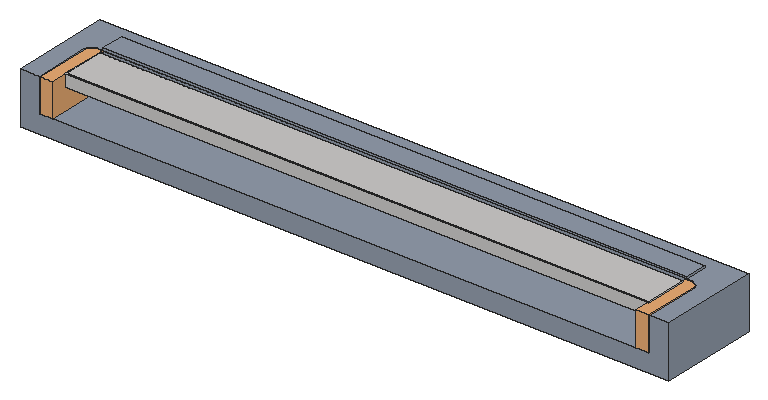
Revit family "NBS_wediSystemsUKLtd_WstsForShwrTrys_FundoDiscreto", category Plumbing Fixtures, host Face, Revit 2018
Family settings
  Host = Face
  Round Connector Dimension = Use Diameter
  Part Type = Normal
  Cut with Voids When Loaded = No
  Shared = No
  Room Calculation Point = No
Parameters (values of type "Fundo Discreto 900mm Channel")
  Width = NominalLength  # 1000 mm
  WediStructuralMaterial = NBS_wedi_PolystyreneExpanded
  WarrantyStartDate [instance] = "1900-12-31T23:59:59"
  WarrantyGuarantorParts = "n/a"
  WarrantyGuarantorLabor = "n/a"
  WarrantyDurationUnit = "year"
  WarrantyDurationParts = "n/a"
  WarrantyDurationLabor = "n/a"
  WarrantyDescription = "available on request"
  Version = "2"  # constant formula
  Uniclass2015Version = "Products v1.14"
  Uniclass2015Title = "Shower tray wastes"
  Uniclass2015Code = "Pr_70_55_96_83"
  TagNumber [instance] = "n/a"
  SustainabilityPerformance = "n/a"
  Standard = "n/a"
  Size = "n/a"
  ShowerType = "n/a"
  ShowerHeadDescription = "n/a"
  Shape = "n/a"
  SerialNumber [instance] = "n/a"
  Revision = "n/a"
  ReplacementCost = "n/a"
  ProductInformation = "https://www.wedi.de/en/products/building-systems/floor-level-showers/fundo-discreto/"
  NominalWidth = 80 mm
  NominalLength = 1000 mm
  NominalHeight = 154 mm
  Name = "WastesForShowerTrays_FundoDiscreto_wediSystemsLtd"
  NBSReference = "45-35-70/337"
  NBSDescription = "Wastes for shower trays"
  NBSCertification = "www.nationalbimlibrary.com/cert/101m2k2q"
  ModelReference = "Fundo Discreto"
  ModelNumber = "073738208"
  Model = ModelReference  # "Fundo Discreto"
  MaterialsBody = "Stainless steel"
  Material = "Stainless steel"
  ManufacturerURL = "https://www.wedi.de/uk/"
  ManufacturerName = "wedi Systems (UK) Ltd"  # constant formula
  Manufacturer = "technical@wedi.co.uk"
  InstallationDepth = "80mm"
  InstallationDate [instance] = "1900-12-31T23:59:59"
  InsetfromFinFace [instance] = 5 mm
  IfcExportType = "SHOWER"  # constant formula
  IfcExportAs = "IfcSanitaryTerminalType"  # constant formula
  HingeWidth = if(ChannelWidth = 1100 mm, 30 mm, if(ChannelWidth = 900 mm, 30 mm, if(ChannelWidth = 300 mm, 120 mm, 77 mm)))  # 30 mm
  Hinge = NBS_wedi_Plastic_Orange
  HasTray = no
  Grade = "n/a"
  Form = "Drainage channel of the fundo riolito, riolito neo, plano linea"
  FinishDepth = 10 mm
  Finish = "V2A stainless steel"
  Features = "Attachment element for wedi Fundo shower elements with linear drainage, Includes a high-quality V2A cover which can be used on both sides, Easy to clean, 100% waterproof complete system"
  ExpectedLife = "30"
  DurationUnit = "year"
  Depth = 80 mm  # constant formula
  ChannelWidth = 900 mm
  DrainSize = 0 mm
  Description = "The fundo discreto allows the drainage channel of the fundo riolito, riolito neo, plano linea shower elements to visually disappear thuscreating an optical illusion of water draining away directly intothe wall"
  Default Elevation = 0 mm  # constant formula
  CoverMaterial = NBS_wedi_StainlessSteel_Brushed
  Constituents = "n/a"
  Color = "Grey"
  CodePerformance = "n/a"
  Category = "Pr_70_55_96_83:Shower tray wastes"
  BarCode [instance] = "n/a"
  BIMObjectName = "NBS_wediSystemsLtd_WastesForShowerTrays_FundoDiscreto_1000x154x80mm"
  Author = "NBS"  # constant formula
  AssetType = "Fixed"
  AssetIdentifier [instance] = "n/a"
  Application = "Domestic residential construction"
  AccessibilityPerformance = "n/a"
Types (5, lengths in mm): name | Width | NominalLength | ModelNumber | HingeWidth | ChannelWidth | BIMObjectName
  (no name) | 1200 | 1200 | "073738209" | 30 | 1100 | "NBS_wediSystemsLtd_WastesForShowerTrays_FundoDiscreto_1200x154x80mm"
  Fundo Discreto 300mm Channel | 900 | 900 | "073738205" | 120 | 300 | "NBS_wediSystemsLtd_WastesForShowerTrays_FundoDiscreto_900x154x80mm"
  Fundo Discreto 800mm Channel | 1000 | 1000 | "073738207" | 77 | 800 | "NBS_wediSystemsLtd_WastesForShowerTrays_FundoDiscreto_1000x154x80mm"
  Fundo Discreto 900mm Channel | 1000 | 1000 | "073738208" | 30 | 900 | "NBS_wediSystemsLtd_WastesForShowerTrays_FundoDiscreto_1000x154x80mm"
  Fundo Discreto 1100mm Channel | 1200 | 1200 | "073738209" | 30 | 1100 | "NBS_wediSystemsLtd_WastesForShowerTrays_FundoDiscreto_1200x154x80mm"
Reference planes
  plane 1 "Center (Front/Back)": y = 0
  plane 2: z = 0
  plane 3 "Center (Left/Right)": x = 0
  plane 4: x = 500
  plane 5: x = -500
  plane 6: x = -450
  plane 7: x = 450
  plane 8: z = -43
  plane 9: y = 154
  plane 10: z = -85
  plane 11: y = 133.5
  plane 12: y = 97.5
  plane 13: y = 24
  plane 14: x = -470
  plane 15: x = 470
  plane 16: x = -410.5
  plane 17: x = 410.5
  plane 18: z = -57
  plane 19: y = 91
  plane 20: z = -5
Forms (mm)
  Extrusion 1, solid, material "NBS_wedi_PolystyreneExpanded" <- "WediStructuralMaterial"
    sketch origin (0, 0, 0) x (1, 0, 0) y (0, 1, 0)
      loop
        line (-500, 154) -> (-500, 0) -> (500, 0) -> (500, 154) -> (-500, 154)
    from -85 to -5
  Extrusion 2, void
    sketch origin (0, 0, 0) x (1, 0, 0) y (0, 1, 0)
      loop
        arc (-458, 97.5) -> (-466.485, 93.985) -> (-470, 85.5) r 12
        line (-470, 85.5) -> (-470, 0) -> (-450, 0) -> (-450, -6) -> (450, -6) -> (450, 0) -> (470, 0) -> (470, 85.5)
        arc (470, 85.5) -> (466.485, 93.985) -> (458, 97.5) r 12
        line (458, 97.5) -> (-458, 97.5)
    from -57 to -5
  Extrusion 3, solid, material "NBS_wedi_PolystyreneExpanded" <- "WediStructuralMaterial"
    sketch origin (0, 0, 0) x (1, 0, 0) y (0, 1, 0)
      loop
        line (450, 97.5) -> (450, 133.5) -> (-450, 133.5) -> (-450, 97.5) -> (450, 97.5)
    from -5 to -1.671
  Extrusion 4, solid, material "NBS_wedi_StainlessSteel_Brushed" <- "CoverMaterial"
    sketch origin (0, 0, 0) x (0, 1, 0) y (0, 0, 1)
      loop
        line (91, -22.675) -> (91, -5.5)
        arc (91, -5.5) -> (90.707, -4.793) -> (90, -4.5) r 1
        line (90, -4.5) -> (25, -4.5)
        arc (25, -4.5) -> (24.293, -4.793) -> (24, -5.5) r 1
        line (24, -5.5) -> (24, -22.675) -> (91, -22.675)
    from -450 to 450
  Extrusion 5, solid, material "NBS_wedi_Plastic_Orange" <- "Hinge"
    sketch origin (0, 0, 0) x (1, 0, 0) y (0, 1, 0)
      loop
        line (-470, 85.5) -> (-470, 0) -> (-450, 0) -> (-450, 97.5) -> (-458, 97.5)
        arc (-458, 97.5) -> (-466.485, 93.985) -> (-470, 85.5) r 12
      loop
        line (450, 97.5) -> (450, 0) -> (470, 0) -> (470, 85.5)
        arc (470, 85.5) -> (466.485, 93.985) -> (458, 97.5) r 12
        line (458, 97.5) -> (450, 97.5)
    from -57 to -5
  Extrusion 6, void
    sketch origin (0, 0, 0) x (0, 1, 0) y (0, 0, 1)
      loop
        line (154, -85) -> (154, -5) -> (0, -5) -> (0, -85) -> (154, -85)
    from -500 to 500
  Extrusion 7, void
    sketch origin (0, 1.5, 0) x (0, 1, 0) y (0, 0, 1)
      loop
        line (0, 10) -> (0, -5) -> (97.5, -5) -> (97.5, 10) -> (0, 10)
    from -450 to 450
Cuts and joins
  Extrusion 2, Extrusion 7 cuts Extrusion 1
Dimensions and locks
  equal spacing: plane 5, plane 3 "Center (Left/Right)", plane 4
  "Width": plane 5 to plane 4
  equal spacing: plane 6, plane 3 "Center (Left/Right)", plane 7
  "ChannelWidth": plane 6 to plane 7
  plane 9 to plane 1 "Center (Front/Back)" = 154 mm
  locked: plane 1 "Center (Front/Back)" to Extrusion 2 sketch curve at 6
  plane 9 to plane 13 = 130 mm
  "HingeWidth": plane 5 to plane 14
  "HingeWidth": plane 15 to plane 4
  "Depth": plane 20 to plane 10
  locked: plane 20 to plane 18 at 52
  locked: Extrusion 4 sketch curve to plane 20 at 0.5
  "InsetfromFinFace": plane 2 to plane 20
  locked: plane 20 to Extrusion 4 sketch curve at 17.675
  locked: Extrusion 3 to plane 20 at 3.329
  "FinishDepth": Extrusion 7 sketch curve to level
  radius of Extrusion 2 sketch curve = 12 mm  (x2)
  radius of Extrusion 4 sketch curve = 1 mm  (x2)
  aligned and locked: plane 2 to host face
  aligned and locked: level to host face
  aligned and locked: Extrusion 1 sketch curve to plane 9
  aligned and locked: Extrusion 1 sketch curve to plane 1 "Center (Front/Back)"
  aligned and locked: Extrusion 1 sketch curve to plane 4
  aligned and locked: plane 5 to Extrusion 1 sketch curve
  aligned and locked: Extrusion 1 to plane 10
  aligned and locked: Extrusion 2 to plane 18
  aligned and locked: Extrusion 2 sketch curve to plane 1 "Center (Front/Back)"
  aligned and locked: Extrusion 2 sketch curve to plane 6
  aligned and locked: Extrusion 2 sketch curve to plane 7
  aligned and locked: plane 1 "Center (Front/Back)" to Extrusion 2 sketch curve
  aligned and locked: plane 15 to Extrusion 2 sketch curve
  aligned and locked: plane 12 to Extrusion 3 sketch curve
  aligned and locked: Extrusion 3 sketch curve to plane 11
  aligned and locked: plane 6 to Extrusion 3 sketch curve
  aligned and locked: Extrusion 3 sketch curve to plane 7
  aligned and locked: Extrusion 4 sketch curve to plane 19
  aligned and locked: plane 13 to Extrusion 4 sketch curve
  aligned and locked: Extrusion 4 to plane 6
  aligned and locked: plane 7 to Extrusion 4
  aligned and locked: Extrusion 5 sketch curve to cut or joined group of Extrusion 1, Extrusion 2, Extrusion 7  (x3)
  aligned and locked: cut or joined group of Extrusion 1, Extrusion 2, Extrusion 7 to Extrusion 5 sketch curve
  aligned and locked: Extrusion 5 sketch curve to plane 6
  aligned and locked: Extrusion 5 sketch curve to plane 7
  aligned and locked: Extrusion 5 sketch curve to plane 1 "Center (Front/Back)"
  aligned and locked: Extrusion 5 sketch curve to plane 12
  aligned and locked: plane 9 to Extrusion 6 sketch curve
  aligned and locked: plane 10 to Extrusion 6 sketch curve
  aligned and locked: plane 1 "Center (Front/Back)" to Extrusion 6 sketch curve
  aligned and locked: plane 20 to Extrusion 1
  aligned and locked: Extrusion 5 to cut or joined group of Extrusion 1, Extrusion 2, Extrusion 7  (x2)
  aligned and locked: Extrusion 3 to cut or joined group of Extrusion 1, Extrusion 2, Extrusion 7
  aligned and locked: plane 20 to Extrusion 6 sketch curve
  aligned and locked: plane 20 to cut or joined group of Extrusion 1, Extrusion 2, Extrusion 7
  aligned and locked: Extrusion 6 to cut or joined group of Extrusion 1, Extrusion 2, Extrusion 7  (x2)
  aligned and locked: Extrusion 7 sketch curve to plane 20
  aligned and locked: Extrusion 7 to plane 6
  aligned and locked: plane 7 to Extrusion 7
Automatic sketch dimensions
  host sketch curve to host sketch curve = 2438.4 mm
  host sketch curve to host sketch curve = 1508.025 mm
  Extrusion 2 sketch curve to plane 14 = 0 mm
  Extrusion 2 sketch curve to plane 12 = 0 mm
  Extrusion 7 sketch curve to plane 1 "Center (Front/Back)" = 1.5 mm
  plane 12 to Extrusion 7 sketch curve = 1.5 mm
